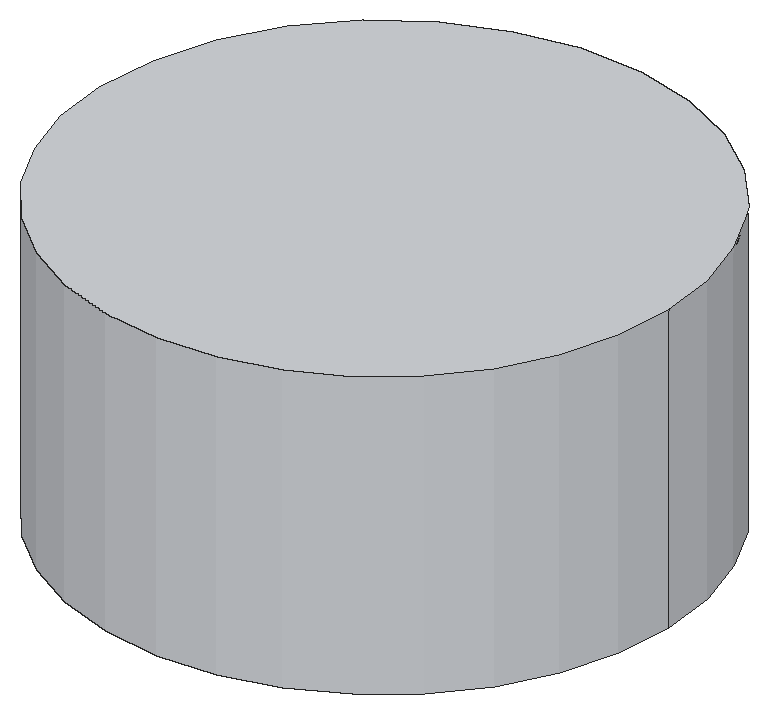
Revit family "09311200", category Specialty Equipment, Revit 2021
Family settings
  Round Connector Dimension = Use Diameter
  Part Type = Normal
  OmniClass Number = 23.40.40.14
  OmniClass Title = Food Service Equipment
  Work Plane-Based = No
  Always vertical = Yes
  Cut with Voids When Loaded = No
  Shared = No
  Room Calculation Point = No
Parameters (values of type "Standard")
  URL = "https://www.rustfriebergh.no/produkter/vannbad-varmeskap-varmeri/varmeskap-med-n-ytral-topp-vsr-k/"
  Model = "09311200"
  Manufacturer = "RUSTFRIE BERGH AS"
  Description = "VSR 1200-K"
  Default Elevation = 0 mm
Reference planes
  plane 1 "Center (Front/Back)": y = 0
  plane 2: z = 0
  plane 3 "Center (Left/Right)": x = 0
Forms (mm)
  Extrusion 1, solid
    sketch origin (496.5, 118.5, 148.5) x (0, 1, 0) y (1, 0, 0)
      loop
        circle (0, 0) r 3.048
    from 0 to -3.048
Dimensions and locks
  aligned and locked: level to plane 2
Connectors
  electrical at (496.5, 118.5, 148.5)
    settings: on Extrusion 1, index 1, voltage 230 V, apparent load 775 VA, apparent load phase1 0 VA, apparent load phase2 0 VA, apparent load phase3 0 VA, power factor 0, load classification "Other", number of poles 1, system type 30, power factor state 1, is connector primary yes, connector utility no, sub classification motor no, connector description "230V 50/60HZ 3,37A"
